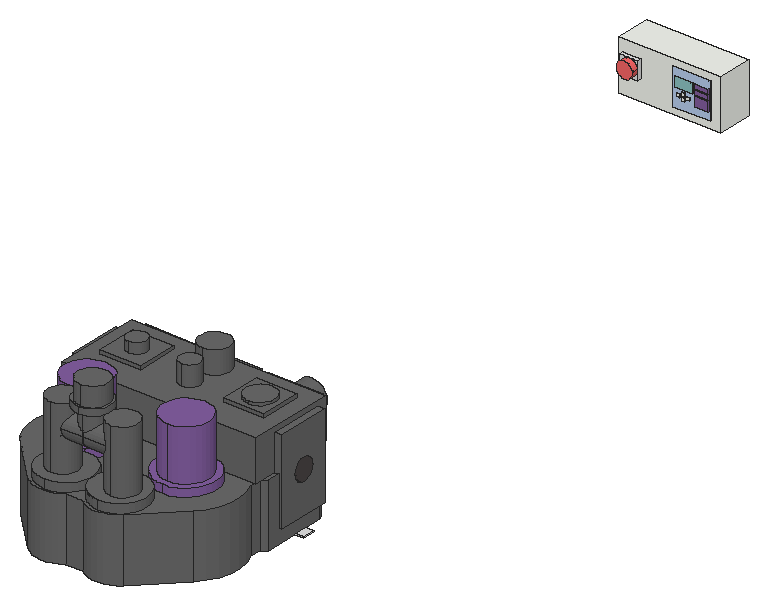
Revit family "28764", category Generic Models, Revit 2021
Family settings
  Can host rebar = No
  Round Connector Dimension = Use Diameter
  Part Type = Normal
  Work Plane-Based = No
  Always vertical = Yes
  Cut with Voids When Loaded = No
  Shared = Yes
  Room Calculation Point = No
Parameters (values of type "28764")
  SUPPLIER = "KESSEL"
  SA700ID50 = "intern"
  SA700ID49 = "Protection Class I"
  SA700ID48 = "no"
  SA700ID47 = "no"
  SA700ID46 = "yes"
  SA700ID37 = 8000 mm
  SA700ID34 = 40
  SA700ID33 = 1.4 W
  SA700ID32 = 82.70 kg
  SA700ID31 = 1
  SA700ID30 = 2
  SA700ID29 = "RWDR"
  SA700ID21 = 800
  SA700ID10 = "yes"
  SA700ID08 = 400 V
  PROCUREWEBLINK = "https://p.caden.as/kessel/28764"
  PROCURELINK = "p.caden.as/kessel/28764"
  PROCUREDATALASTUPDATE = "2024-05-22T12:18:08.622942318+01:00"
  PRC_SPECIFICATIONLINK = "https://ausschreiben.de/catalog/kessel/catalogItem/b2b8f67f-6d8d-470a-8a77-3d0af0603c73"
  NN = "Lifting station Aqualift F"
  NBSYN = "$SA810ID03."
  NB = "28764"
  Model = "28764"
  Manufacturer = "KESSEL"
  MIdent = "{$CADENAS_DATA/23d-libs/kessel/kessel_vdi_import/4/entwaesserung/hebeanlage20aqualift20f.prj},198 {STYP=ASS},{VTYP=3D},{NB=28764},{LINA=28764},{NN=Lifting station Aqualift F},{DATE=21.11.2022 10:45:45},{GEOMDATE=21.11.2022 10:45:45},{VERSION=},{LINEID=200},{WBVAR=LODLEVEL},{WBNUMERIC=LODLEVEL}  {NB=28764},{LINA=28764},{KT=DUMMY},{PREVIEW=../../bilder/ksb_w_28764.png},{SA700ID04=Hebeanlage Aqualift F Duo, Comfort, SPF 1500-S3},{SA810ID06=04026092054550},{SA700ID34=40.00},{SA010ID03=201805},{SA810ID03=28764},{SA810ID10=Die Hebeanlage für fäkalienhaltiges und fäkalienfreies Abwasser ist mit zwei überflutbaren Pumpen sowie einem Rückflussverhinderer ausgestattet. Der Sammelbehälter aus dauerhaft beständigem Kunststoff (PE) bietet universale Anschlussmöglichkeiten und hat eine verschraubte Reinigungsöffnung.Die Steuerung erfolgt durch ein anwenderfreundliches Schaltgerät, das optional über einen potentialfreien Kontakt in die Gebäudeleittechnik eingebunden werden oder Alarm- und Sammelstörmeldungen über eine GSM-Schnittstelle (Comfort Schaltgerät) ausgeben kann.Ausführung:Absperreinrichtung: ohne SchieberAnlagenart: DoppelanlagePumpensteuerung: SchaltgerätRückflussverhinderer: integriertSchalldämmmatte: jaEinbausituation: freie AufstellungAbwasserart: fäkalienhaltigAllgemeine Merkmale:Farbe: schwarzNorm: EN 12050-1Abmessungen:Länge: 773 mmBreite: 780 mmHöhe: 539 mmBehälter/Grundkörper:Zulauf Anzahl: 2 STZulauf Nennweite (DN): 100 mmZulauf Nennweite (DA): 110 mmZulauf max. Anbohrung (DN): 150 mmAbstand Rohrsohle Zulauf zu Behälterboden: 245 mmAbstand Rohrmitte Zulauf zu Behälterboden: 300 mmAnschluss für Handmembranpumpe (DN): 32Behältervolumen: 120 lDruckabgang: senkrechtDruckabgang (DA): 110 mmDruckabgang (DN): 100 mmEntlüftungsanschluss (DN): 70 mmNutzvolumen: 50 lFreier Kugeldurchgang: 40 mmFördereinrichtung:Pumpe: SPF 1500Anzahl Pumpen: 2Förderhöhe max.: 8 mFörderleistung max.: 40 m3/hBetriebsart: S3 - 50 %Leistung P1: 1,4 kWLeistung P2: 1,1 kWDrehzahl: 1.415 U/minFörderguttemperatur (dauerhaft) max.: 40 °CAnschlusstyp: DirektanschlussGewicht: 24 kgLaufrad Typ: FreistromradLänge Netzanschlussleitung Pumpe: 5 mNennstrom: 2,7 ASchutzart Pumpe: IP 68 (3m/48h)Schutzklasse: ITyp Anschlussleitung Pumpe: H07RN-F 7G 1,5 mm2Temperaturüberwachung: integriertSteuerung:Schaltgerät: ComfortBetriebsspannung: 400 VNetzfrequenz: 50 HzSelbstdiagnosesystem (SDS): jaBatteriepufferung: jaMehrzeilige Displayanzeige: jaLogbuchfunktion: jaGSM-Schnittstelle: jaPotentialfreier Kontakt: jaErforderliche Absicherung (Leitungsschutz): 3 x C 16 AMotorschutz Schalter: jaSchutzart Schaltgerät: IP 54Länge Netzanschlussleitung Schaltgerät: 0 mArt Niveauerfassung: pneumatischInstrument Niveauerfassung: Tauchrohr mit DruckwächterAlarmgeber: Tauchrohr},{SA700ID37=8.00},{SA700ID33=1.40},{SA700ID08=400},{SA700ID30=2},{SA700ID32=82.70},{SA700ID49=Schutzklasse I},{SA700ID50=intern},{SA200ID03=6},{SA250ID03=vertikal},{SA260ID03=Trockenläuferpumpe},{SA350ID03=normalansaugend},{SA400ID03=E-Motor für Drehstrom},{SA460ID03=direkt},{SA500ID03=Kunststoff, Edelstahl},{SA700ID06=100},{SA700ID07=100},{SA700ID09=3/N/PE 400V},{SA700ID10=Ja},{SA700ID11=50},{SA700ID12=IP 68},{SA700ID13=F},{SA700ID15=40},{SA700ID21=800.00},{SA700ID22=1.10},{SA700ID23=1415},{SA700ID24=1415},{SA700ID26=2.70},{SA700ID27=21.00},{SA700ID28=durchgehend},{SA700ID29=RWDR},{SA700ID31=1},{SA700ID46=ja},{SA700ID47=nein},{SA700ID48=nein},{SA110ID04=Hebeanlage Aqualift F},{SA300ID03=einstufig},{SA700ID44=10.00},{SA700ID45=10.00},{SA010ID04=KESSEL AG},{LODLEVEL=200},{LINK=https://www.kessel.de/info?han=28764},{SA970ID01=970},{SA970ID02=7095},{SA970ID03=28764},{SA970ID04=11002617},{SA970ID05=QUAD},{SA970ID06=-410},{SA970ID07=-678},{SA970ID08=0},{SA970ID09=1},{SA970ID10=0},{SA970ID11=0},{SA970ID12=0},{SA970ID13=1},{SA970ID14=0},{SA970ID15=819.99},{SA970ID16=843},{SA970ID17=600},{LODLEVEL_=200,'Low'},{LODLEVEL_DEU=200,'Low'},{LINK_=https://www.kessel.de/info?han=28764},{LINK_DEU=https://www.kessel.de/info?han=28764},{LODLEVEL_3DB=28764_200},{DNIN1=100},{DNIN2=70},{DNIN3=10},{DNIN4=10},{DNIN5=10},{DNIN6=50},{DNIN7=50},{DNIN8=50},{DNIN9=50},{DNOUT1=100},{DNOUT2=70},{DNOUT3=32},{ISDIN1=75},{ISDIN2=83.200},{ISDIN3=10},{ISDOUT1=70.000},{ISDOUT2=73.200},{ISDOUT3=75},{SA010ID01=010},{SA010ID02=4},{SA010ID06=www.kessel.de},{SA010ID07=www.kessel.de},{SA010ID12=20180713},{SA010ID13=DEU},{SA010ID14=DE},{SA100ID01=100},{SA100ID02=4},{SA100ID04=Entwässerung},{SA110ID01=110},{SA110ID02=4},{SA200ID01=200},{SA200ID02=6},{SA250ID01=250},{SA250ID02=2},{SA260ID01=260},{SA260ID02=2},{SA300ID01=300},{SA300ID02=1},{SA350ID01=350},{SA350ID02=1},{SA400ID01=400},{SA400ID02=2},{SA460ID01=460},{SA460ID02=1},{SA500ID01=500},{SA500ID02=1},{SA700ID01=700},{SA700ID02=23},{SA700ID10_=1},{SA700ID16=0},{SA700ID25=0},{SA700ID46_=1},{SA700ID47_=0},{SA700ID48_=0},{SA700ID49_=1},{SA700ID50_=2},{SA800ID01=800},{SA800ID02=23},{SA810ID01=810},{SA810ID02=23},{SA810ID04=28764},{SA810ID07=23},{SA810ID09=1},{SA810ID14=PCE},{SA810ID15=1},{SA810ID16=NMP},{SA960ID03=23},{SA960ID04=3L},{SA960ID08=https://www.kessel.de/info?han=28764},{SA010ID08=4026092000007},{SA100ID05=Hebeanlage},{SA110ID06=Hebeanlage}"
  LINK = "https://www.kessel.de/info?han=28764"
  LINA = "28764"
  Default Elevation = 0 mm
  CREATOR = "CADENAS GmbH"
  CATALOG = "KESSEL"
  BOMINFO = "LINA"
  ARTICLENO = "NB"
  4.810.00.9 Order quantity (multiplicator) = "1"
  4.810.00.7 Media- connection number = "23"
  4.810.00.6 GTIN number = "04026092054550"
  4.810.00.4 DATANORM number = "28764"
  4.810.00.3 Producer order number = "28764"
  4.710.03.7 Mass (net) = 82.70 kg
  4.710.03.6 Height = 539 mm
  4.710.03.5 Width = 780 mm
  4.710.03.4 Length = 773 mm
  4.710.03.3 Type of dimensions = "2"
  4.710.02.8 Area of application of wastewater pump = "1"
  4.710.02.7 Art des S2/S3-Betriebs = "50 %"
  4.710.02.6 Duty type = "S3"
  4.710.02.5 Cutting device = "0"
  4.710.02.4 Attached pump control = "1"
  4.710.02.3 Free passage = 40 mm
  4.710.01.6 Option to connect to building automation = "40"
  4.710.01.5 Load regulation = "0"
  4.710.01.4 Designation of closed-loop control = "50"
  4.710.01.3 Identifier for closed-loop control = "120"
  4.700.00.9 Voltage = 0
  4.700.00.8 Nominal connection size on suction side = "100"
  4.700.00.7 Nominal connection size on pressure side = "100"
  4.700.00.6 Type of connection = "100"
  4.700.00.4 Product indentification = "Hebeanlage Aqualift F Duo, Comfort, SPF 1500-S3"
  4.700.00.28 Motor pump shaft = "durchgehend"
  4.700.00.27 Starting current = 21
  4.700.00.26 Maximum power consumption per pump / drive = 2.7
  4.700.00.25 Minimum speed at internal speed adjustment = 0
  4.700.00.24 Nominal speed / maximum speed n = 23.5833
  4.700.00.23 Nominal speed of motor = 23.5833
  4.700.00.22 Maximum shaft output (P2) per pump/drive = 1.1 W
  4.700.00.16 Maximum temperature of pumped medium = 0 °C
  4.700.00.15 Increased safety class = "40 °C"
  4.700.00.13 Type of protection = "F"
  4.700.00.12 Frequency = 0
  4.700.00.11 Stern-/Dreieck-Anlaufschaltung bei Dreiphasenanschluss oder Drehstrom = "50 Hz"
  4.700.00.10 Phase = "1"
  4.500.00.3 Variant / Variant type / Accessories-name = "Kunststoff, Edelstahl"
  4.460.00.3 Variant / Variant type / Accessories-name = "direkt"
  4.400.00.3 Variant / Variant type / Accessories-name = "E-Motor für Drehstrom"
  4.350.00.3 Variant / Variant type / Accessories-name = "normalansaugend"
  4.300.00.3 Variant / Variant type / Accessories-name = "einstufig"
  4.260.00.3 Variant / Variant type / Accessories-name = "Trockenläuferpumpe"
  4.250.00.3 Variant / Variant type / Accessories-name = "vertikal"
  4.200.00.3 Variant / Variant type / Accessories-name = "6"
  4.110.00.6 Product classification = "Hebeanlage"
  4.110.00.4 Product indentification = "Hebeanlage Aqualift F"
  4.100.00.5 Main groups of wares = "Hebeanlage"
  4.100.00.4 Product indentification = "Entwässerung"
  4.010.00.8 Producer ID number = "4026092000007"
  4.010.00.7 Comment = "www.kessel.de"
  4.010.00.6 Web address of the manufacturer = "www.kessel.de"
  4.010.00.4 Manufacturer name = "KESSEL AG"
  4.010.00.3 Date of issuance (month) of guideline = "201805"
  4.010.00.2 Sheet number of the guideline = "4"
  4.010.00.14 Kennungen der Projektländer, für die die Datei gültig ist = "DE"
  4.010.00.13 Sprache der Datei = "DEU"
  4.010.00.12 Stand des Herstellerkatalogs = "20180713"
Reference planes
  plane 1 "Center (Front/Back)": y = 0
  plane 2: z = 0
  plane 3 "Center (Left/Right)": x = 0
Forms (mm)
  Extrusion 1, void
    sketch origin (390.5, -74.999, 214) x (0, -1, 0) y (0, 0, 1)
      loop
        line (-0.5, -0.5) -> (0.5, -0.5) -> (0.5, 0.5) -> (-0.5, 0.5) -> (-0.5, -0.5)
    from 0 to 1
  Extrusion 2, void
    sketch origin (0.999, 95.5, 214) x (1, 0, 0) y (0, 0, 1)
      loop
        line (-0.5, -0.5) -> (0.5, -0.5) -> (0.5, 0.5) -> (-0.5, 0.5) -> (-0.5, -0.5)
    from 0 to 1
  Extrusion 3, void
    sketch origin (-230.25, 90.49, 214) x (1, 0, 0) y (0, 0, 1)
      loop
        line (-0.5, -0.5) -> (0.5, -0.5) -> (0.5, 0.5) -> (-0.5, 0.5) -> (-0.5, -0.5)
    from 0 to 1
  Extrusion 4, void
    sketch origin (-390.5, -75, 214) x (0, 1, 0) y (0, 0, 1)
      loop
        line (-0.5, -0.5) -> (0.5, -0.5) -> (0.5, 0.5) -> (-0.5, 0.5) -> (-0.5, -0.5)
    from 0 to 1
  Extrusion 5, void
    sketch origin (0, -115, 388.3) x (1, 0, 0) y (0, -1, 0)
      loop
        line (-0.5, 0.5) -> (-0.5, -0.5) -> (0.5, -0.5) -> (0.5, 0.5) -> (-0.5, 0.5)
    from 0 to 1
Dimensions and locks
  locked: plane 2 to Extrusion 1 at 214.5
  locked: plane 2 to Extrusion 1 at 213.5
  locked: plane 2 to Extrusion 2 at 214.5
  locked: plane 2 to Extrusion 2 at 213.5
  locked: plane 2 to Extrusion 3 at 214.5
  locked: plane 2 to Extrusion 3 at 213.5
  locked: plane 2 to Extrusion 4 at 214.5
  locked: plane 2 to Extrusion 4 at 213.5
  locked: plane 2 to Extrusion 5 at 387.3
  locked: plane 2 to Extrusion 5 at 388.3
  aligned and locked: level to plane 2
Nested families
  nested 1: "28764_content" at (0, 0, 0), type "28764_Content"
  nested 2: "28764_part1_X0Y0" at (1000, 1000, 1200), type "28764_PART1_X0Y0"
  nested 3: "28764_part2_X0Y0" at (0, 0, 0), type "28764_PART2_X0Y0"
Connectors
  electrical at (861, 933, 1201.5)
    settings: on nested 2, index 1, voltage 0 V, apparent load 0 VA, apparent load phase1 0 VA, apparent load phase2 0 VA, apparent load phase3 0 VA, power factor 1, load classification "Other", number of poles 1, system type 31, power factor state 1, is connector primary yes, connector utility no, sub classification motor no, connector description ""
  piping at (0, 0, 471), diameter 100
    settings: on nested 3, index 2, connector inside diameter 609.6 mm, connector length 0 mm, flow factor 0, pipe flow 0.0 L/s, pressure drop 0.0 Pa, fitting loss kfactor 0, connector angle 0.00°, fixture units 0, engagement length 0 mm, angle of deflection 0.00°, flow configuration 0, flow direction 1, fitting loss method 2, system type 29, joint type 0, gender type 0, connector reference index -1, connector utility 0, adjustable connector no, is connector primary yes, connector description ""
  piping at (230, 164.99, 301), diameter 100
    settings: on nested 3, index 3, connector inside diameter 609.6 mm, connector length 0 mm, flow factor 0, pipe flow 0.0 L/s, pressure drop 0.0 Pa, fitting loss kfactor 0, connector angle 0.00°, fixture units 0, engagement length 0 mm, angle of deflection 0.00°, flow configuration 0, flow direction 1, fitting loss method 2, system type 29, joint type 0, gender type 0, connector reference index -1, connector utility 0, adjustable connector no, is connector primary no, connector description ""
  piping at (390.5, -74.999, 214), diameter 70
    settings: on Extrusion 1, index 4, connector inside diameter 609.6 mm, connector length 0 mm, flow factor 0, pipe flow 0.0 L/s, pressure drop 0.0 Pa, fitting loss kfactor 0, connector angle 0.00°, fixture units 0, engagement length 0 mm, angle of deflection 0.00°, flow configuration 0, flow direction 0, fitting loss method 2, system type 29, joint type 0, gender type 0, connector reference index -1, connector utility 0, adjustable connector no, is connector primary no, connector description ""
  piping at (0.999, 95.5, 214), diameter 70
    settings: on Extrusion 2, index 5, connector inside diameter 609.6 mm, connector length 0 mm, flow factor 0, pipe flow 0.0 L/s, pressure drop 0.0 Pa, fitting loss kfactor 0, connector angle 0.00°, fixture units 0, engagement length 0 mm, angle of deflection 0.00°, flow configuration 0, flow direction 0, fitting loss method 2, system type 29, joint type 0, gender type 0, connector reference index -1, connector utility 0, adjustable connector no, is connector primary no, connector description ""
  piping at (-230.25, 90.49, 214), diameter 70
    settings: on Extrusion 3, index 6, connector inside diameter 609.6 mm, connector length 0 mm, flow factor 0, pipe flow 0.0 L/s, pressure drop 0.0 Pa, fitting loss kfactor 0, connector angle 0.00°, fixture units 0, engagement length 0 mm, angle of deflection 0.00°, flow configuration 0, flow direction 0, fitting loss method 2, system type 29, joint type 0, gender type 0, connector reference index -1, connector utility 0, adjustable connector no, is connector primary no, connector description ""
  piping at (-390.5, -75, 214), diameter 70
    settings: on Extrusion 4, index 7, connector inside diameter 609.6 mm, connector length 0 mm, flow factor 0, pipe flow 0.0 L/s, pressure drop 0.0 Pa, fitting loss kfactor 0, connector angle 0.00°, fixture units 0, engagement length 0 mm, angle of deflection 0.00°, flow configuration 0, flow direction 0, fitting loss method 2, system type 29, joint type 0, gender type 0, connector reference index -1, connector utility 0, adjustable connector no, is connector primary no, connector description ""
  piping at (0, -568, 600), diameter 100
    settings: on nested 3, index 8, connector inside diameter 609.6 mm, connector length 0 mm, flow factor 0, pipe flow 0.0 L/s, pressure drop 0.0 Pa, fitting loss kfactor 0, connector angle 0.00°, fixture units 0, engagement length 0 mm, angle of deflection 0.00°, flow configuration 0, flow direction 2, fitting loss method 2, system type 29, joint type 0, gender type 0, connector reference index -1, connector utility 0, adjustable connector no, is connector primary no, connector description ""
  piping at (0, -115, 388.3), diameter 70
    settings: on Extrusion 5, index 9, connector inside diameter 609.6 mm, connector length 0 mm, flow factor 0, pipe flow 0.0 L/s, pressure drop 0.0 Pa, fitting loss kfactor 0, connector angle 0.00°, fixture units 0, engagement length 0 mm, angle of deflection 0.00°, flow configuration 0, flow direction 2, fitting loss method 2, system type 29, joint type 0, gender type 0, connector reference index -1, connector utility 0, adjustable connector no, is connector primary no, connector description ""
  piping at (230, 164.99, 81.07), diameter 32
    settings: on nested 3, index 10, connector inside diameter 609.6 mm, connector length 0 mm, flow factor 0, pipe flow 0.0 L/s, pressure drop 0.0 Pa, fitting loss kfactor 0, connector angle 0.00°, fixture units 0, engagement length 0 mm, angle of deflection 0.00°, flow configuration 0, flow direction 2, fitting loss method 2, system type 29, joint type 0, gender type 0, connector reference index -1, connector utility 0, adjustable connector no, is connector primary no, connector description ""
  electrical at (185, -365, 457)
    settings: on nested 3, index 11, voltage 0 V, apparent load 0 VA, apparent load phase1 0 VA, apparent load phase2 0 VA, apparent load phase3 0 VA, power factor 1, load classification "Other", number of poles 1, system type 31, power factor state 1, is connector primary no, connector utility no, sub classification motor no, connector description ""
  electrical at (-185, -364.75, 457)
    settings: on nested 3, index 12, voltage 0 V, apparent load 0 VA, apparent load phase1 0 VA, apparent load phase2 0 VA, apparent load phase3 0 VA, power factor 1, load classification "Other", number of poles 1, system type 31, power factor state 1, is connector primary no, connector utility no, sub classification motor no, connector description ""
  electrical at (-230.6, -74.8, 436.49)
    settings: on nested 3, index 13, voltage 0 V, apparent load 0 VA, apparent load phase1 0 VA, apparent load phase2 0 VA, apparent load phase3 0 VA, power factor 1, load classification "Other", number of poles 1, system type 31, power factor state 1, is connector primary no, connector utility no, sub classification motor no, connector description ""
Definition of nested family "28764_part1_X0Y0"
  Parameters (values of type "28764_PART1_X0Y0")
    SUPPLIER = "KESSEL"
    SA700ID50 = "intern"
    SA700ID49 = "Protection Class I"
    SA700ID48 = "no"
    SA700ID47 = "no"
    SA700ID46 = "yes"
    SA700ID37 = 8000 mm
    SA700ID34 = 40
    SA700ID33 = 1.4 W
    SA700ID32 = 82.70 kg
    SA700ID31 = 1
    SA700ID30 = 2
    SA700ID29 = "RWDR"
    SA700ID21 = 800
    SA700ID10 = "yes"
    SA700ID08 = 400 V
    NBSYN = "$SA810ID03._PART1"
    NB = "28764_PART1"
    Model = "28764_PART1"
    Manufacturer = "KESSEL"
    MIdent = "{$CADENAS_DATA/23d-libs/kessel/kessel_vdi_import/4/entwaesserung/hebeanlage20aqualift20f.prj},218 {VTYP=3D},{NB=28764_PART1},{LINA=28764_PART1},{NN=Lifting station Aqualift F_PART1},{NOPRJ=TRUE},{DATE=21.11.2022 10:45:45},{GEOMDATE=21.11.2022 10:45:45},{VERSION=},{LINEID=200},{WBVAR=LODLEVEL},{WBNUMERIC=LODLEVEL}  {NB=28764_PART1},{LINA=28764_PART1},{KT=DUMMY},{PREVIEW=../../bilder/ksb_w_28764.png},{SA700ID04=Hebeanlage Aqualift F Duo, Comfort, SPF 1500-S3},{SA810ID06=04026092054550},{SA700ID34=40.00},{SA010ID03=201805},{SA810ID03=28764},{SA810ID10=Die Hebeanlage für fäkalienhaltiges und fäkalienfreies Abwasser ist mit zwei überflutbaren Pumpen sowie einem Rückflussverhinderer ausgestattet. Der Sammelbehälter aus dauerhaft beständigem Kunststoff (PE) bietet universale Anschlussmöglichkeiten und hat eine verschraubte Reinigungsöffnung.Die Steuerung erfolgt durch ein anwenderfreundliches Schaltgerät, das optional über einen potentialfreien Kontakt in die Gebäudeleittechnik eingebunden werden oder Alarm- und Sammelstörmeldungen über eine GSM-Schnittstelle (Comfort Schaltgerät) ausgeben kann.Ausführung:Absperreinrichtung: ohne SchieberAnlagenart: DoppelanlagePumpensteuerung: SchaltgerätRückflussverhinderer: integriertSchalldämmmatte: jaEinbausituation: freie AufstellungAbwasserart: fäkalienhaltigAllgemeine Merkmale:Farbe: schwarzNorm: EN 12050-1Abmessungen:Länge: 773 mmBreite: 780 mmHöhe: 539 mmBehälter/Grundkörper:Zulauf Anzahl: 2 STZulauf Nennweite (DN): 100 mmZulauf Nennweite (DA): 110 mmZulauf max. Anbohrung (DN): 150 mmAbstand Rohrsohle Zulauf zu Behälterboden: 245 mmAbstand Rohrmitte Zulauf zu Behälterboden: 300 mmAnschluss für Handmembranpumpe (DN): 32Behältervolumen: 120 lDruckabgang: senkrechtDruckabgang (DA): 110 mmDruckabgang (DN): 100 mmEntlüftungsanschluss (DN): 70 mmNutzvolumen: 50 lFreier Kugeldurchgang: 40 mmFördereinrichtung:Pumpe: SPF 1500Anzahl Pumpen: 2Förderhöhe max.: 8 mFörderleistung max.: 40 m3/hBetriebsart: S3 - 50 %Leistung P1: 1,4 kWLeistung P2: 1,1 kWDrehzahl: 1.415 U/minFörderguttemperatur (dauerhaft) max.: 40 °CAnschlusstyp: DirektanschlussGewicht: 24 kgLaufrad Typ: FreistromradLänge Netzanschlussleitung Pumpe: 5 mNennstrom: 2,7 ASchutzart Pumpe: IP 68 (3m/48h)Schutzklasse: ITyp Anschlussleitung Pumpe: H07RN-F 7G 1,5 mm2Temperaturüberwachung: integriertSteuerung:Schaltgerät: ComfortBetriebsspannung: 400 VNetzfrequenz: 50 HzSelbstdiagnosesystem (SDS): jaBatteriepufferung: jaMehrzeilige Displayanzeige: jaLogbuchfunktion: jaGSM-Schnittstelle: jaPotentialfreier Kontakt: jaErforderliche Absicherung (Leitungsschutz): 3 x C 16 AMotorschutz Schalter: jaSchutzart Schaltgerät: IP 54Länge Netzanschlussleitung Schaltgerät: 0 mArt Niveauerfassung: pneumatischInstrument Niveauerfassung: Tauchrohr mit DruckwächterAlarmgeber: Tauchrohr},{SA700ID37=8.00},{SA700ID33=1.40},{SA700ID08=400},{SA700ID30=2},{SA700ID32=82.70},{SA700ID49=Schutzklasse I},{SA700ID50=intern},{SA200ID03=6},{SA250ID03=vertikal},{SA260ID03=Trockenläuferpumpe},{SA350ID03=normalansaugend},{SA400ID03=E-Motor für Drehstrom},{SA460ID03=direkt},{SA500ID03=Kunststoff, Edelstahl},{SA700ID06=100},{SA700ID07=100},{SA700ID09=3/N/PE 400V},{SA700ID10=Ja},{SA700ID11=50},{SA700ID12=IP 68},{SA700ID13=F},{SA700ID15=40},{SA700ID21=800.00},{SA700ID22=1.10},{SA700ID23=1415},{SA700ID24=1415},{SA700ID26=2.70},{SA700ID27=21.00},{SA700ID28=durchgehend},{SA700ID29=RWDR},{SA700ID31=1},{SA700ID46=ja},{SA700ID47=nein},{SA700ID48=nein},{SA110ID04=Hebeanlage Aqualift F},{SA300ID03=einstufig},{SA700ID44=10.00},{SA700ID45=10.00},{SA010ID04=KESSEL AG},{LODLEVEL=200},{LINK=https://www.kessel.de/info?han=28764},{SA970ID01=970},{SA970ID02=7095},{SA970ID03=28764},{SA970ID04=11002617},{SA970ID05=QUAD},{SA970ID06=-410},{SA970ID07=-678},{SA970ID08=0},{SA970ID09=1},{SA970ID10=0},{SA970ID11=0},{SA970ID12=0},{SA970ID13=1},{SA970ID14=0},{SA970ID15=819.99},{SA970ID16=843},{SA970ID17=600},{LODLEVEL_=200,'Low'},{LODLEVEL_DEU=200,'Low'},{LINK_=https://www.kessel.de/info?han=28764},{LINK_DEU=https://www.kessel.de/info?han=28764},{LODLEVEL_3DB=28764_200},{DNIN1=100},{DNIN2=70},{DNIN3=10},{DNIN4=10},{DNIN5=10},{DNIN6=50},{DNIN7=50},{DNIN8=50},{DNIN9=50},{DNOUT1=100},{DNOUT2=70},{DNOUT3=32},{ISDIN1=75},{ISDIN2=83.200},{ISDIN3=10},{ISDOUT1=70.000},{ISDOUT2=73.200},{ISDOUT3=75},{SA010ID01=010},{SA010ID02=4},{SA010ID06=www.kessel.de},{SA010ID07=www.kessel.de},{SA010ID12=20180713},{SA010ID13=DEU},{SA010ID14=DE},{SA100ID01=100},{SA100ID02=4},{SA100ID04=Entwässerung},{SA110ID01=110},{SA110ID02=4},{SA200ID01=200},{SA200ID02=6},{SA250ID01=250},{SA250ID02=2},{SA260ID01=260},{SA260ID02=2},{SA300ID01=300},{SA300ID02=1},{SA350ID01=350},{SA350ID02=1},{SA400ID01=400},{SA400ID02=2},{SA460ID01=460},{SA460ID02=1},{SA500ID01=500},{SA500ID02=1},{SA700ID01=700},{SA700ID02=23},{SA700ID10_=1},{SA700ID16=0},{SA700ID25=0},{SA700ID46_=1},{SA700ID47_=0},{SA700ID48_=0},{SA700ID49_=1},{SA700ID50_=2},{SA800ID01=800},{SA800ID02=23},{SA810ID01=810},{SA810ID02=23},{SA810ID04=28764},{SA810ID07=23},{SA810ID09=1},{SA810ID14=PCE},{SA810ID15=1},{SA810ID16=NMP},{SA960ID03=23},{SA960ID04=3L},{SA960ID08=https://www.kessel.de/info?han=28764},{SA010ID08=4026092000007},{SA100ID05=Hebeanlage},{SA110ID06=Hebeanlage}"
    LINK = "https://www.kessel.de/info?han=28764"
    LINA = "28764_PART1"
    Default Elevation = 1219.2 mm
    CREATOR = "CADENAS GmbH"
    CATALOG = "KESSEL"
    BOMINFO = "LINA"
    ARTICLENO = "NB"
    4.810.00.9 Order quantity (multiplicator) = "1"
    4.810.00.7 Media- connection number = "23"
    4.810.00.6 GTIN number = "04026092054550"
    4.810.00.4 DATANORM number = "28764"
    4.810.00.3 Producer order number = "28764"
    4.710.03.7 Mass (net) = 82.70 kg
    4.710.03.6 Height = 539 mm
    4.710.03.5 Width = 780 mm
    4.710.03.4 Length = 773 mm
    4.710.03.3 Type of dimensions = "2"
    4.710.02.8 Area of application of wastewater pump = "1"
    4.710.02.7 Art des S2/S3-Betriebs = "50 %"
    4.710.02.6 Duty type = "S3"
    4.710.02.5 Cutting device = "0"
    4.710.02.4 Attached pump control = "1"
    4.710.02.3 Free passage = 40 mm
    4.710.01.6 Option to connect to building automation = "40"
    4.710.01.5 Load regulation = "0"
    4.710.01.4 Designation of closed-loop control = "50"
    4.710.01.3 Identifier for closed-loop control = "120"
    4.700.00.9 Voltage = 0
    4.700.00.8 Nominal connection size on suction side = "100"
    4.700.00.7 Nominal connection size on pressure side = "100"
    4.700.00.6 Type of connection = "100"
    4.700.00.4 Product indentification = "Hebeanlage Aqualift F Duo, Comfort, SPF 1500-S3"
    4.700.00.28 Motor pump shaft = "durchgehend"
    4.700.00.27 Starting current = 21
    4.700.00.26 Maximum power consumption per pump / drive = 2.7
    4.700.00.25 Minimum speed at internal speed adjustment = 0
    4.700.00.24 Nominal speed / maximum speed n = 23.5833
    4.700.00.23 Nominal speed of motor = 23.5833
    4.700.00.22 Maximum shaft output (P2) per pump/drive = 1.1 W
    4.700.00.16 Maximum temperature of pumped medium = 0 °C
    4.700.00.15 Increased safety class = "40 °C"
    4.700.00.13 Type of protection = "F"
    4.700.00.12 Frequency = 0
    4.700.00.11 Stern-/Dreieck-Anlaufschaltung bei Dreiphasenanschluss oder Drehstrom = "50 Hz"
    4.700.00.10 Phase = "1"
    4.500.00.3 Variant / Variant type / Accessories-name = "Kunststoff, Edelstahl"
    4.460.00.3 Variant / Variant type / Accessories-name = "direkt"
    4.400.00.3 Variant / Variant type / Accessories-name = "E-Motor für Drehstrom"
    4.350.00.3 Variant / Variant type / Accessories-name = "normalansaugend"
    4.300.00.3 Variant / Variant type / Accessories-name = "einstufig"
    4.260.00.3 Variant / Variant type / Accessories-name = "Trockenläuferpumpe"
    4.250.00.3 Variant / Variant type / Accessories-name = "vertikal"
    4.200.00.3 Variant / Variant type / Accessories-name = "6"
    4.110.00.6 Product classification = "Hebeanlage"
    4.110.00.4 Product indentification = "Hebeanlage Aqualift F"
    4.100.00.5 Main groups of wares = "Hebeanlage"
    4.100.00.4 Product indentification = "Entwässerung"
    4.010.00.8 Producer ID number = "4026092000007"
    4.010.00.7 Comment = "www.kessel.de"
    4.010.00.6 Web address of the manufacturer = "www.kessel.de"
    4.010.00.4 Manufacturer name = "KESSEL AG"
    4.010.00.3 Date of issuance (month) of guideline = "201805"
    4.010.00.2 Sheet number of the guideline = "4"
    4.010.00.14 Kennungen der Projektländer, für die die Datei gültig ist = "DE"
    4.010.00.13 Sprache der Datei = "DEU"
    4.010.00.12 Stand des Herstellerkatalogs = "20180713"
  Reference planes
    plane 1 "Center (Front/Back)": y = 0
    plane 2: z = 0
    plane 3 "Center (Left/Right)": x = 0
  Dimensions and locks
    aligned and locked: level to plane 2
  Nested families
    nested 1: "28764_part1_content" at (0, 0, 0), type "28764_PART1_Content"
  Definition of nested family "28764_part1_content"
    Parameters (values of type "28764_PART1_Content")
      SUPPLIER = "KESSEL"
      SA700ID50 = "intern"
      SA700ID49 = "Protection Class I"
      SA700ID48 = "no"
      SA700ID47 = "no"
      SA700ID46 = "yes"
      SA700ID37 = 8000 mm
      SA700ID34 = 40
      SA700ID33 = 1.4 W
      SA700ID32 = 82.70 kg
      SA700ID31 = 1
      SA700ID30 = 2
      SA700ID29 = "RWDR"
      SA700ID21 = 800
      SA700ID10 = "yes"
      SA700ID08 = 400 V
      NBSYN = "$SA810ID03._PART1"
      NB = "28764_PART1"
      Model = "28764_PART1"
      Manufacturer = "KESSEL"
      LINK = "https://www.kessel.de/info?han=28764"
      LINA = "28764_PART1"
      Default Elevation = 1219.2 mm
      CREATOR = "CADENAS GmbH"
      CATALOG = "KESSEL"
      BOMINFO = "LINA"
      ARTICLENO = "NB"
      4.810.00.9 Order quantity (multiplicator) = "1"
      4.810.00.7 Media- connection number = "23"
      4.810.00.6 GTIN number = "04026092054550"
      4.810.00.4 DATANORM number = "28764"
      4.810.00.3 Producer order number = "28764"
      4.710.03.7 Mass (net) = 82.70 kg
      4.710.03.6 Height = 539 mm
      4.710.03.5 Width = 780 mm
      4.710.03.4 Length = 773 mm
      4.710.03.3 Type of dimensions = "2"
      4.710.02.8 Area of application of wastewater pump = "1"
      4.710.02.7 Art des S2/S3-Betriebs = "50 %"
      4.710.02.6 Duty type = "S3"
      4.710.02.5 Cutting device = "0"
      4.710.02.4 Attached pump control = "1"
      4.710.02.3 Free passage = 40 mm
      4.710.01.6 Option to connect to building automation = "40"
      4.710.01.5 Load regulation = "0"
      4.710.01.4 Designation of closed-loop control = "50"
      4.710.01.3 Identifier for closed-loop control = "120"
      4.700.00.9 Voltage = 0
      4.700.00.8 Nominal connection size on suction side = "100"
      4.700.00.7 Nominal connection size on pressure side = "100"
      4.700.00.6 Type of connection = "100"
      4.700.00.4 Product indentification = "Hebeanlage Aqualift F Duo, Comfort, SPF 1500-S3"
      4.700.00.28 Motor pump shaft = "durchgehend"
      4.700.00.27 Starting current = 21
      4.700.00.26 Maximum power consumption per pump / drive = 2.7
      4.700.00.25 Minimum speed at internal speed adjustment = 0
      4.700.00.24 Nominal speed / maximum speed n = 23.5833
      4.700.00.23 Nominal speed of motor = 23.5833
      4.700.00.22 Maximum shaft output (P2) per pump/drive = 1.1 W
      4.700.00.16 Maximum temperature of pumped medium = 0 °C
      4.700.00.15 Increased safety class = "40 °C"
      4.700.00.13 Type of protection = "F"
      4.700.00.12 Frequency = 0
      4.700.00.11 Stern-/Dreieck-Anlaufschaltung bei Dreiphasenanschluss oder Drehstrom = "50 Hz"
      4.700.00.10 Phase = "1"
      4.500.00.3 Variant / Variant type / Accessories-name = "Kunststoff, Edelstahl"
      4.460.00.3 Variant / Variant type / Accessories-name = "direkt"
      4.400.00.3 Variant / Variant type / Accessories-name = "E-Motor für Drehstrom"
      4.350.00.3 Variant / Variant type / Accessories-name = "normalansaugend"
      4.300.00.3 Variant / Variant type / Accessories-name = "einstufig"
      4.260.00.3 Variant / Variant type / Accessories-name = "Trockenläuferpumpe"
      4.250.00.3 Variant / Variant type / Accessories-name = "vertikal"
      4.200.00.3 Variant / Variant type / Accessories-name = "6"
      4.110.00.6 Product classification = "Hebeanlage"
      4.110.00.4 Product indentification = "Hebeanlage Aqualift F"
      4.100.00.5 Main groups of wares = "Hebeanlage"
      4.100.00.4 Product indentification = "Entwässerung"
      4.010.00.8 Producer ID number = "4026092000007"
      4.010.00.7 Comment = "www.kessel.de"
      4.010.00.6 Web address of the manufacturer = "www.kessel.de"
      4.010.00.4 Manufacturer name = "KESSEL AG"
      4.010.00.3 Date of issuance (month) of guideline = "201805"
      4.010.00.2 Sheet number of the guideline = "4"
      4.010.00.14 Kennungen der Projektländer, für die die Datei gültig ist = "DE"
      4.010.00.13 Sprache der Datei = "DEU"
      4.010.00.12 Stand des Herstellerkatalogs = "20180713"
    Reference planes
      plane 1 "Center (Front/Back)": y = 0
      plane 2: z = 0
      plane 3 "Center (Left/Right)": x = 0
    Forms (mm)
      Extrusion 1, solid, detail levels medium+fine
        sketch origin (189.25, -1.75, 0.2) x (0, -1, 0) y (0, 0, 1)
          loop
            line (0, 187.8) -> (0, 0) -> (127.75, 0) -> (127.75, 187.8) -> (0, 187.8)
        from 0 to 378.5
      Extrusion 2, solid, detail levels medium+fine
        sketch origin (-4, -67, 0) x (0, 1, 0) y (-1, 0, 0)
          loop
            circle (0, 0) r 12.5
        from 0 to 1.5
      Extrusion 3, solid, detail levels medium+fine
        sketch origin (150.8, -129.5, 26.5) x (0, -1, 0) y (0, 0, 1)
          loop
            line (-1.2, 134.8) -> (-1.2, 0) -> (0.25, 0) -> (0.25, 134.8) -> (-1.2, 134.8)
        from 0 to 139.9
      Extrusion 4, solid, detail levels medium+fine
        sketch origin (72.55, -129.75, 66) x (0, -1, 0) y (0, 0, 1)
          loop
            line (-1, 12) -> (-1, 0) -> (0.5, 0) -> (0.5, 12) -> (-1, 12)
        from 0 to 12
      Extrusion 5, solid, detail levels medium+fine
        sketch origin (84.45, -129.75, 93.4) x (0, -1, 0) y (0, 0, 1)
          loop
            line (-1, 37) -> (-1, 0) -> (0.5, 0) -> (0.5, 37) -> (-1, 37)
        from 0 to 66
      Extrusion 6, solid, detail levels medium+fine
        sketch origin (55.3, -129.75, 74) x (0, -1, 0) y (0, 0, 1)
          loop
            line (-1, 12) -> (-1, 0) -> (0.5, 0) -> (0.5, 12) -> (-1, 12)
        from 0 to 12
      Extrusion 7, solid, detail levels medium+fine
        sketch origin (143.3, -129.75, 94.4) x (0, -1, 0) y (0, 0, 1)
          loop
            line (0, 16) -> (0, 0) -> (1.75, 0) -> (1.75, 16) -> (0, 16)
        from 0 to 51
      Extrusion 8, solid, detail levels medium+fine
        sketch origin (143.3, -129.75, 54.4) x (0, -1, 0) y (0, 0, 1)
          loop
            line (0, 36) -> (0, 0) -> (1.75, 0) -> (1.75, 36) -> (0, 36)
        from 0 to 51
      Extrusion 9, solid, detail levels medium+fine
        sketch origin (55.3, -129.75, 57.5) x (0, -1, 0) y (0, 0, 1)
          loop
            line (-1, 12) -> (-1, 0) -> (0.5, 0) -> (0.5, 12) -> (-1, 12)
        from 0 to 12
      Extrusion 10, solid, detail levels medium+fine
        sketch origin (143.3, -129.75, 114.4) x (0, -1, 0) y (0, 0, 1)
          loop
            line (0, 16) -> (0, 0) -> (1.75, 0) -> (1.75, 16) -> (0, 16)
        from 0 to 51
      Extrusion 11, solid, detail levels medium+fine
        sketch origin (38.05, -129.75, 66) x (0, -1, 0) y (0, 0, 1)
          loop
            line (-1, 12) -> (-1, 0) -> (0.5, 0) -> (0.5, 12) -> (-1, 12)
        from 0 to 12
      Extrusion 12, solid, detail levels medium+fine
        sketch origin (47, -72, 0) x (0, 1, 0) y (-1, 0, 0)
          loop
            circle (0, 0) r 8
        from 0 to 1.5
      Extrusion 13, solid, detail levels medium+fine
        sketch origin (47, -42, 0) x (0, 1, 0) y (-1, 0, 0)
          loop
            circle (0, 0) r 5.25
        from 0 to 1.5
      Extrusion 14, solid, detail levels medium+fine
        sketch origin (77, -72, 0) x (0, 1, 0) y (-1, 0, 0)
          loop
            circle (0, 0) r 8
        from 0 to 1.5
      Extrusion 15, solid, detail levels medium+fine
        sketch origin (-94, -67, 0) x (0, 1, 0) y (-1, 0, 0)
          loop
            circle (0, 0) r 12.5
        from 0 to 1.5
      Extrusion 16, solid, detail levels medium+fine
        sketch origin (92, -42, 0) x (0, 1, 0) y (-1, 0, 0)
          loop
            circle (0, 0) r 8
        from 0 to 1.5
      Extrusion 17, solid, detail levels medium+fine
        sketch origin (107, -72, 0) x (0, 1, 0) y (-1, 0, 0)
          loop
            circle (0, 0) r 8
        from 0 to 1.5
      Extrusion 18, solid, detail levels medium+fine
        sketch origin (122, -42, 0) x (0, 1, 0) y (-1, 0, 0)
          loop
            circle (0, 0) r 8
        from 0 to 1.5
      Extrusion 19, solid, detail levels medium+fine
        sketch origin (-107.7, -129.5, 76.9) x (0, -1, 0) y (0, 0, 1)
          loop
            line (0, 67) -> (0, 0) -> (14, 0) -> (14, 67) -> (0, 67)
        from 0 to 67
      Extrusion 20, solid, detail levels medium+fine
        sketch origin (-141.2, -143.5, 110.4) x (1, 0, 0) y (0, 0, 1)
          loop
            circle (0, 0) r 30
        from 0 to 22
      Extrusion 21, solid, detail levels medium+fine
        sketch origin (127, -15, 0) x (0, 1, 0) y (-1, 0, 0)
          loop
            circle (0, 0) r 6
        from 0 to 1.5
      Extrusion 22, solid, detail levels medium+fine
        sketch origin (137, -72, 0) x (0, 1, 0) y (-1, 0, 0)
          loop
            circle (0, 0) r 8
        from 0 to 1.5
      Extrusion 23, solid, detail levels medium+fine
        sketch origin (-139, -67, 0) x (0, 1, 0) y (-1, 0, 0)
          loop
            circle (0, 0) r 12.5
        from 0 to 1.5
      Extrusion 24, solid, detail levels medium+fine
        sketch origin (152, -42, 0) x (0, 1, 0) y (-1, 0, 0)
          loop
            circle (0, 0) r 8
        from 0 to 1.5
      Extrusion 25, solid, detail levels coarse
        sketch origin (0, -83.625, 0) x (1, 0, 0) y (0, 1, 0)
          loop
            line (-189.25, -81.875) -> (189.25, -81.875) -> (189.25, 81.875) -> (-189.25, 81.875) -> (-189.25, -81.875)
        from 0 to 188
    Dimensions and locks
      aligned and locked: level to plane 2
Definition of nested family "28764_part2_X0Y0"
  Parameters (values of type "28764_PART2_X0Y0")
    SUPPLIER = "KESSEL"
    SA700ID50 = "intern"
    SA700ID49 = "Protection Class I"
    SA700ID48 = "no"
    SA700ID47 = "no"
    SA700ID46 = "yes"
    SA700ID37 = 8000 mm
    SA700ID34 = 40
    SA700ID33 = 1.4 W
    SA700ID32 = 82.70 kg
    SA700ID31 = 1
    SA700ID30 = 2
    SA700ID29 = "RWDR"
    SA700ID21 = 800
    SA700ID10 = "yes"
    SA700ID08 = 400 V
    NBSYN = "$SA810ID03._PART2"
    NB = "28764_PART2"
    Model = "28764_PART2"
    Manufacturer = "KESSEL"
    MIdent = "{$CADENAS_DATA/23d-libs/kessel/kessel_vdi_import/4/entwaesserung/hebeanlage20aqualift20f.prj},218 {VTYP=3D},{NB=28764_PART2},{LINA=28764_PART2},{NN=Lifting station Aqualift F_PART2},{NOPRJ=TRUE},{DATE=21.11.2022 10:45:45},{GEOMDATE=21.11.2022 10:45:45},{VERSION=},{LINEID=200},{WBVAR=LODLEVEL},{WBNUMERIC=LODLEVEL}  {NB=28764_PART2},{LINA=28764_PART2},{KT=DUMMY},{PREVIEW=../../bilder/ksb_w_28764.png},{SA700ID04=Hebeanlage Aqualift F Duo, Comfort, SPF 1500-S3},{SA810ID06=04026092054550},{SA700ID34=40.00},{SA010ID03=201805},{SA810ID03=28764},{SA810ID10=Die Hebeanlage für fäkalienhaltiges und fäkalienfreies Abwasser ist mit zwei überflutbaren Pumpen sowie einem Rückflussverhinderer ausgestattet. Der Sammelbehälter aus dauerhaft beständigem Kunststoff (PE) bietet universale Anschlussmöglichkeiten und hat eine verschraubte Reinigungsöffnung.Die Steuerung erfolgt durch ein anwenderfreundliches Schaltgerät, das optional über einen potentialfreien Kontakt in die Gebäudeleittechnik eingebunden werden oder Alarm- und Sammelstörmeldungen über eine GSM-Schnittstelle (Comfort Schaltgerät) ausgeben kann.Ausführung:Absperreinrichtung: ohne SchieberAnlagenart: DoppelanlagePumpensteuerung: SchaltgerätRückflussverhinderer: integriertSchalldämmmatte: jaEinbausituation: freie AufstellungAbwasserart: fäkalienhaltigAllgemeine Merkmale:Farbe: schwarzNorm: EN 12050-1Abmessungen:Länge: 773 mmBreite: 780 mmHöhe: 539 mmBehälter/Grundkörper:Zulauf Anzahl: 2 STZulauf Nennweite (DN): 100 mmZulauf Nennweite (DA): 110 mmZulauf max. Anbohrung (DN): 150 mmAbstand Rohrsohle Zulauf zu Behälterboden: 245 mmAbstand Rohrmitte Zulauf zu Behälterboden: 300 mmAnschluss für Handmembranpumpe (DN): 32Behältervolumen: 120 lDruckabgang: senkrechtDruckabgang (DA): 110 mmDruckabgang (DN): 100 mmEntlüftungsanschluss (DN): 70 mmNutzvolumen: 50 lFreier Kugeldurchgang: 40 mmFördereinrichtung:Pumpe: SPF 1500Anzahl Pumpen: 2Förderhöhe max.: 8 mFörderleistung max.: 40 m3/hBetriebsart: S3 - 50 %Leistung P1: 1,4 kWLeistung P2: 1,1 kWDrehzahl: 1.415 U/minFörderguttemperatur (dauerhaft) max.: 40 °CAnschlusstyp: DirektanschlussGewicht: 24 kgLaufrad Typ: FreistromradLänge Netzanschlussleitung Pumpe: 5 mNennstrom: 2,7 ASchutzart Pumpe: IP 68 (3m/48h)Schutzklasse: ITyp Anschlussleitung Pumpe: H07RN-F 7G 1,5 mm2Temperaturüberwachung: integriertSteuerung:Schaltgerät: ComfortBetriebsspannung: 400 VNetzfrequenz: 50 HzSelbstdiagnosesystem (SDS): jaBatteriepufferung: jaMehrzeilige Displayanzeige: jaLogbuchfunktion: jaGSM-Schnittstelle: jaPotentialfreier Kontakt: jaErforderliche Absicherung (Leitungsschutz): 3 x C 16 AMotorschutz Schalter: jaSchutzart Schaltgerät: IP 54Länge Netzanschlussleitung Schaltgerät: 0 mArt Niveauerfassung: pneumatischInstrument Niveauerfassung: Tauchrohr mit DruckwächterAlarmgeber: Tauchrohr},{SA700ID37=8.00},{SA700ID33=1.40},{SA700ID08=400},{SA700ID30=2},{SA700ID32=82.70},{SA700ID49=Schutzklasse I},{SA700ID50=intern},{SA200ID03=6},{SA250ID03=vertikal},{SA260ID03=Trockenläuferpumpe},{SA350ID03=normalansaugend},{SA400ID03=E-Motor für Drehstrom},{SA460ID03=direkt},{SA500ID03=Kunststoff, Edelstahl},{SA700ID06=100},{SA700ID07=100},{SA700ID09=3/N/PE 400V},{SA700ID10=Ja},{SA700ID11=50},{SA700ID12=IP 68},{SA700ID13=F},{SA700ID15=40},{SA700ID21=800.00},{SA700ID22=1.10},{SA700ID23=1415},{SA700ID24=1415},{SA700ID26=2.70},{SA700ID27=21.00},{SA700ID28=durchgehend},{SA700ID29=RWDR},{SA700ID31=1},{SA700ID46=ja},{SA700ID47=nein},{SA700ID48=nein},{SA110ID04=Hebeanlage Aqualift F},{SA300ID03=einstufig},{SA700ID44=10.00},{SA700ID45=10.00},{SA010ID04=KESSEL AG},{LODLEVEL=200},{LINK=https://www.kessel.de/info?han=28764},{SA970ID01=970},{SA970ID02=7095},{SA970ID03=28764},{SA970ID04=11002617},{SA970ID05=QUAD},{SA970ID06=-410},{SA970ID07=-678},{SA970ID08=0},{SA970ID09=1},{SA970ID10=0},{SA970ID11=0},{SA970ID12=0},{SA970ID13=1},{SA970ID14=0},{SA970ID15=819.99},{SA970ID16=843},{SA970ID17=600},{LODLEVEL_=200,'Low'},{LODLEVEL_DEU=200,'Low'},{LINK_=https://www.kessel.de/info?han=28764},{LINK_DEU=https://www.kessel.de/info?han=28764},{LODLEVEL_3DB=28764_200},{DNIN1=100},{DNIN2=70},{DNIN3=10},{DNIN4=10},{DNIN5=10},{DNIN6=50},{DNIN7=50},{DNIN8=50},{DNIN9=50},{DNOUT1=100},{DNOUT2=70},{DNOUT3=32},{ISDIN1=75},{ISDIN2=83.200},{ISDIN3=10},{ISDOUT1=70.000},{ISDOUT2=73.200},{ISDOUT3=75},{SA010ID01=010},{SA010ID02=4},{SA010ID06=www.kessel.de},{SA010ID07=www.kessel.de},{SA010ID12=20180713},{SA010ID13=DEU},{SA010ID14=DE},{SA100ID01=100},{SA100ID02=4},{SA100ID04=Entwässerung},{SA110ID01=110},{SA110ID02=4},{SA200ID01=200},{SA200ID02=6},{SA250ID01=250},{SA250ID02=2},{SA260ID01=260},{SA260ID02=2},{SA300ID01=300},{SA300ID02=1},{SA350ID01=350},{SA350ID02=1},{SA400ID01=400},{SA400ID02=2},{SA460ID01=460},{SA460ID02=1},{SA500ID01=500},{SA500ID02=1},{SA700ID01=700},{SA700ID02=23},{SA700ID10_=1},{SA700ID16=0},{SA700ID25=0},{SA700ID46_=1},{SA700ID47_=0},{SA700ID48_=0},{SA700ID49_=1},{SA700ID50_=2},{SA800ID01=800},{SA800ID02=23},{SA810ID01=810},{SA810ID02=23},{SA810ID04=28764},{SA810ID07=23},{SA810ID09=1},{SA810ID14=PCE},{SA810ID15=1},{SA810ID16=NMP},{SA960ID03=23},{SA960ID04=3L},{SA960ID08=https://www.kessel.de/info?han=28764},{SA010ID08=4026092000007},{SA100ID05=Hebeanlage},{SA110ID06=Hebeanlage}"
    LINK = "https://www.kessel.de/info?han=28764"
    LINA = "28764_PART2"
    Default Elevation = 1219.2 mm
    CREATOR = "CADENAS GmbH"
    CATALOG = "KESSEL"
    BOMINFO = "LINA"
    ARTICLENO = "NB"
    4.810.00.9 Order quantity (multiplicator) = "1"
    4.810.00.7 Media- connection number = "23"
    4.810.00.6 GTIN number = "04026092054550"
    4.810.00.4 DATANORM number = "28764"
    4.810.00.3 Producer order number = "28764"
    4.710.03.7 Mass (net) = 82.70 kg
    4.710.03.6 Height = 539 mm
    4.710.03.5 Width = 780 mm
    4.710.03.4 Length = 773 mm
    4.710.03.3 Type of dimensions = "2"
    4.710.02.8 Area of application of wastewater pump = "1"
    4.710.02.7 Art des S2/S3-Betriebs = "50 %"
    4.710.02.6 Duty type = "S3"
    4.710.02.5 Cutting device = "0"
    4.710.02.4 Attached pump control = "1"
    4.710.02.3 Free passage = 40 mm
    4.710.01.6 Option to connect to building automation = "40"
    4.710.01.5 Load regulation = "0"
    4.710.01.4 Designation of closed-loop control = "50"
    4.710.01.3 Identifier for closed-loop control = "120"
    4.700.00.9 Voltage = 0
    4.700.00.8 Nominal connection size on suction side = "100"
    4.700.00.7 Nominal connection size on pressure side = "100"
    4.700.00.6 Type of connection = "100"
    4.700.00.4 Product indentification = "Hebeanlage Aqualift F Duo, Comfort, SPF 1500-S3"
    4.700.00.28 Motor pump shaft = "durchgehend"
    4.700.00.27 Starting current = 21
    4.700.00.26 Maximum power consumption per pump / drive = 2.7
    4.700.00.25 Minimum speed at internal speed adjustment = 0
    4.700.00.24 Nominal speed / maximum speed n = 23.5833
    4.700.00.23 Nominal speed of motor = 23.5833
    4.700.00.22 Maximum shaft output (P2) per pump/drive = 1.1 W
    4.700.00.16 Maximum temperature of pumped medium = 0 °C
    4.700.00.15 Increased safety class = "40 °C"
    4.700.00.13 Type of protection = "F"
    4.700.00.12 Frequency = 0
    4.700.00.11 Stern-/Dreieck-Anlaufschaltung bei Dreiphasenanschluss oder Drehstrom = "50 Hz"
    4.700.00.10 Phase = "1"
    4.500.00.3 Variant / Variant type / Accessories-name = "Kunststoff, Edelstahl"
    4.460.00.3 Variant / Variant type / Accessories-name = "direkt"
    4.400.00.3 Variant / Variant type / Accessories-name = "E-Motor für Drehstrom"
    4.350.00.3 Variant / Variant type / Accessories-name = "normalansaugend"
    4.300.00.3 Variant / Variant type / Accessories-name = "einstufig"
    4.260.00.3 Variant / Variant type / Accessories-name = "Trockenläuferpumpe"
    4.250.00.3 Variant / Variant type / Accessories-name = "vertikal"
    4.200.00.3 Variant / Variant type / Accessories-name = "6"
    4.110.00.6 Product classification = "Hebeanlage"
    4.110.00.4 Product indentification = "Hebeanlage Aqualift F"
    4.100.00.5 Main groups of wares = "Hebeanlage"
    4.100.00.4 Product indentification = "Entwässerung"
    4.010.00.8 Producer ID number = "4026092000007"
    4.010.00.7 Comment = "www.kessel.de"
    4.010.00.6 Web address of the manufacturer = "www.kessel.de"
    4.010.00.4 Manufacturer name = "KESSEL AG"
    4.010.00.3 Date of issuance (month) of guideline = "201805"
    4.010.00.2 Sheet number of the guideline = "4"
    4.010.00.14 Kennungen der Projektländer, für die die Datei gültig ist = "DE"
    4.010.00.13 Sprache der Datei = "DEU"
    4.010.00.12 Stand des Herstellerkatalogs = "20180713"
  Reference planes
    plane 1 "Center (Front/Back)": y = 0
    plane 2: z = 0
    plane 3 "Center (Left/Right)": x = 0
  Dimensions and locks
    aligned and locked: level to plane 2
  Nested families
    nested 1: "28764_part2_content" at (0, 0, 0), type "28764_PART2_Content"
  Definition of nested family "28764_part2_content"
    Parameters (values of type "28764_PART2_Content")
      SUPPLIER = "KESSEL"
      SA700ID50 = "intern"
      SA700ID49 = "Protection Class I"
      SA700ID48 = "no"
      SA700ID47 = "no"
      SA700ID46 = "yes"
      SA700ID37 = 8000 mm
      SA700ID34 = 40
      SA700ID33 = 1.4 W
      SA700ID32 = 82.70 kg
      SA700ID31 = 1
      SA700ID30 = 2
      SA700ID29 = "RWDR"
      SA700ID21 = 800
      SA700ID10 = "yes"
      SA700ID08 = 400 V
      NBSYN = "$SA810ID03._PART2"
      NB = "28764_PART2"
      Model = "28764_PART2"
      Manufacturer = "KESSEL"
      LINK = "https://www.kessel.de/info?han=28764"
      LINA = "28764_PART2"
      Default Elevation = 1219.2 mm
      CREATOR = "CADENAS GmbH"
      CATALOG = "KESSEL"
      BOMINFO = "LINA"
      ARTICLENO = "NB"
      4.810.00.9 Order quantity (multiplicator) = "1"
      4.810.00.7 Media- connection number = "23"
      4.810.00.6 GTIN number = "04026092054550"
      4.810.00.4 DATANORM number = "28764"
      4.810.00.3 Producer order number = "28764"
      4.710.03.7 Mass (net) = 82.70 kg
      4.710.03.6 Height = 539 mm
      4.710.03.5 Width = 780 mm
      4.710.03.4 Length = 773 mm
      4.710.03.3 Type of dimensions = "2"
      4.710.02.8 Area of application of wastewater pump = "1"
      4.710.02.7 Art des S2/S3-Betriebs = "50 %"
      4.710.02.6 Duty type = "S3"
      4.710.02.5 Cutting device = "0"
      4.710.02.4 Attached pump control = "1"
      4.710.02.3 Free passage = 40 mm
      4.710.01.6 Option to connect to building automation = "40"
      4.710.01.5 Load regulation = "0"
      4.710.01.4 Designation of closed-loop control = "50"
      4.710.01.3 Identifier for closed-loop control = "120"
      4.700.00.9 Voltage = 0
      4.700.00.8 Nominal connection size on suction side = "100"
      4.700.00.7 Nominal connection size on pressure side = "100"
      4.700.00.6 Type of connection = "100"
      4.700.00.4 Product indentification = "Hebeanlage Aqualift F Duo, Comfort, SPF 1500-S3"
      4.700.00.28 Motor pump shaft = "durchgehend"
      4.700.00.27 Starting current = 21
      4.700.00.26 Maximum power consumption per pump / drive = 2.7
      4.700.00.25 Minimum speed at internal speed adjustment = 0
      4.700.00.24 Nominal speed / maximum speed n = 23.5833
      4.700.00.23 Nominal speed of motor = 23.5833
      4.700.00.22 Maximum shaft output (P2) per pump/drive = 1.1 W
      4.700.00.16 Maximum temperature of pumped medium = 0 °C
      4.700.00.15 Increased safety class = "40 °C"
      4.700.00.13 Type of protection = "F"
      4.700.00.12 Frequency = 0
      4.700.00.11 Stern-/Dreieck-Anlaufschaltung bei Dreiphasenanschluss oder Drehstrom = "50 Hz"
      4.700.00.10 Phase = "1"
      4.500.00.3 Variant / Variant type / Accessories-name = "Kunststoff, Edelstahl"
      4.460.00.3 Variant / Variant type / Accessories-name = "direkt"
      4.400.00.3 Variant / Variant type / Accessories-name = "E-Motor für Drehstrom"
      4.350.00.3 Variant / Variant type / Accessories-name = "normalansaugend"
      4.300.00.3 Variant / Variant type / Accessories-name = "einstufig"
      4.260.00.3 Variant / Variant type / Accessories-name = "Trockenläuferpumpe"
      4.250.00.3 Variant / Variant type / Accessories-name = "vertikal"
      4.200.00.3 Variant / Variant type / Accessories-name = "6"
      4.110.00.6 Product classification = "Hebeanlage"
      4.110.00.4 Product indentification = "Hebeanlage Aqualift F"
      4.100.00.5 Main groups of wares = "Hebeanlage"
      4.100.00.4 Product indentification = "Entwässerung"
      4.010.00.8 Producer ID number = "4026092000007"
      4.010.00.7 Comment = "www.kessel.de"
      4.010.00.6 Web address of the manufacturer = "www.kessel.de"
      4.010.00.4 Manufacturer name = "KESSEL AG"
      4.010.00.3 Date of issuance (month) of guideline = "201805"
      4.010.00.2 Sheet number of the guideline = "4"
      4.010.00.14 Kennungen der Projektländer, für die die Datei gültig ist = "DE"
      4.010.00.13 Sprache der Datei = "DEU"
      4.010.00.12 Stand des Herstellerkatalogs = "20180713"
    Reference planes
      plane 1 "Center (Front/Back)": y = 0
      plane 2: z = 0
      plane 3 "Center (Left/Right)": x = 0
    Forms (mm)
      Extrusion 1, solid, detail levels medium+fine
        sketch origin (0, -568, 1) x (1, 0, 0) y (0, 1, 0)
          loop
            arc (-359.63, 289.09) -> (-377.037, 171.688) -> (-322.8, 66.12) r 193.985
            line (-322.8, 66.12) -> (-178.896, -77.784)
            arc (-178.896, -77.784) -> (-106.491, -109.869) -> (-31.3, -85) r 109.994
            line (-31.3, -85) -> (30.05, -85)
            arc (30.05, -85) -> (105.241, -109.869) -> (177.646, -77.784) r 109.994
            line (177.646, -77.784) -> (321.55, 66.12)
            arc (321.55, 66.12) -> (375.787, 171.688) -> (358.38, 289.09) r 193.985
            line (358.38, 289.09) -> (358.38, 329.14)
            arc (358.38, 329.14) -> (369.106, 336.803) -> (377.46, 347) r 50.072
            line (377.46, 347) -> (377.46, 585.43)
            arc (377.46, 585.43) -> (354.513, 616.507) -> (321.5, 636.57) r 100.023
            line (321.5, 636.57) -> (-322.75, 636.57)
            arc (-322.75, 636.57) -> (-355.763, 616.507) -> (-378.71, 585.43) r 100.023
            line (-378.71, 585.43) -> (-378.71, 347)
            arc (-378.71, 347) -> (-370.356, 336.803) -> (-359.63, 329.14) r 50.072
            line (-359.63, 329.14) -> (-359.63, 289.09)
        from 0 to 235
      Extrusion 2, solid, detail levels medium+fine
        sketch origin (-185, -364.75, 236) x (0, 1, 0) y (-1, 0, 0)
          loop
            circle (0, 0) r 110
        from 0 to 30
      Extrusion 3, solid, detail levels medium+fine
        sketch origin (-185, -364.75, 266) x (0, 1, 0) y (-1, 0, 0)
          loop
            circle (0, 0) r 86
        from 0 to 191
      Extrusion 4, solid, detail levels medium+fine
        sketch origin (-100, -568, 236) x (0, -1, 0) y (1, 0, 0)
          loop
            circle (0, 0) r 100
        from 0 to 32
      Extrusion 5, solid, detail levels medium+fine
        sketch origin (-112, -568, 268) x (0, -1, 0) y (1, 0, 0)
          loop
            circle (0, 0) r 56
        from 0 to 234
      Extrusion 6, solid, detail levels medium+fine
        sketch origin (0, -568, 420) x (0, -1, 0) y (0, 0, 1)
          loop
            circle (0, 0) r 48.5
        from 0 to 112
      Extrusion 7, solid, detail levels medium+fine
        sketch origin (0, -568, 420) x (0, 1, 0) y (-1, 0, 0)
          loop
            circle (0, 0) r 45
        from 0 to 87
      Extrusion 8, solid, detail levels medium+fine
        sketch origin (0, -568, 507) x (0, 1, 0) y (-1, 0, 0)
          loop
            circle (0, 0) r 67
        from 0 to 23
      Extrusion 9, solid, detail levels medium+fine
        sketch origin (0, -568, 530) x (0, 1, 0) y (-1, 0, 0)
          loop
            circle (0, 0) r 57
        from 0 to 70
      Extrusion 10, solid, detail levels medium+fine
        sketch origin (0, -568, 420) x (0, 1, 0) y (0, 0, 1)
          loop
            circle (0, 0) r 48.5
        from 0 to 112
      Extrusion 11, solid, detail levels medium+fine
        sketch origin (112, -568, 268) x (0, 1, 0) y (-1, 0, 0)
          loop
            circle (0, 0) r 56
        from 0 to 234
      Extrusion 12, solid, detail levels medium+fine
        sketch origin (100, -568, 236) x (0, 1, 0) y (-1, 0, 0)
          loop
            circle (0, 0) r 100.1
        from 0 to 32
      Extrusion 13, solid, detail levels medium+fine
        sketch origin (185, -365, 236) x (0, 1, 0) y (-1, 0, 0)
          loop
            circle (0, 0) r 110
        from 0 to 30
      Extrusion 14, solid, detail levels medium+fine
        sketch origin (185, -365, 266) x (0, 1, 0) y (-1, 0, 0)
          loop
            circle (0, 0) r 86
        from 0 to 191
      Extrusion 15, solid, detail levels medium+fine
        sketch origin (-360.5, -261.1, 236) x (0, 1, 0) y (0, 0, 1)
          loop
            line (0, 151.8) -> (0, 0) -> (325.6, 0) -> (325.6, 151.8) -> (0, 151.8)
        from 0 to 722
      Extrusion 16, solid, detail levels medium+fine
        sketch origin (0, -115, 387.8) x (0, 1, 0) y (-1, 0, 0)
          loop
            circle (0, 0) r 37.5
        from 0 to 73.2
      Extrusion 17, solid, detail levels medium+fine
        sketch origin (0, 0, 387.8) x (0, 1, 0) y (-1, 0, 0)
          loop
            circle (0, 0) r 55
        from 0 to 83.2
      Extrusion 18, solid, detail levels medium+fine
        sketch origin (-100, 64.3, 75.8) x (0, 1, 0) y (0, 0, 1)
          loop
            line (0, 295) -> (0, 0) -> (30.8, 0) -> (30.8, 295) -> (0, 295)
        from 0 to 200
      Extrusion 19, solid, detail levels medium+fine
        sketch origin (0.999, 95, 214) x (1, 0, 0) y (0, 0, -1)
          loop
            circle (0, 0) r 40
        from 0 to 1.5
      Extrusion 20, solid, detail levels medium+fine
        sketch origin (305.4, 2.2, 387.8) x (0, -1, 0) y (0, 0, 1)
          loop
            line (0, 12.2) -> (0, 0) -> (154, 0) -> (154, 12.2) -> (0, 12.2)
        from 0 to 152
      Extrusion 21, solid, detail levels medium+fine
        sketch origin (229.4, -74.8, 399.99) x (0, 1, 0) y (-1, 0, 0)
          loop
            circle (0, 0) r 55
        from 0 to 9
      Extrusion 22, solid, detail levels medium+fine
        sketch origin (-154.6, 2.2, 387.8) x (0, -1, 0) y (0, 0, 1)
          loop
            line (0, 12.2) -> (0, 0) -> (154, 0) -> (154, 12.2) -> (0, 12.2)
        from 0 to 152
      Extrusion 23, solid, detail levels medium+fine
        sketch origin (-230.6, -74.8, 399.99) x (0, 1, 0) y (-1, 0, 0)
          loop
            circle (0, 0) r 36
        from 0 to 36.5
      Extrusion 24, solid, detail levels medium+fine
        sketch origin (130, 64.5, 55.8) x (0, 1, 0) y (0, 0, 1)
          loop
            line (0, 315) -> (0, 0) -> (25.5, 0) -> (25.5, 315) -> (0, 315)
        from 0 to 200
      Extrusion 25, solid, detail levels medium+fine
        sketch origin (230, 89.99, 301) x (-1, 0, 0) y (0, 0, 1)
          loop
            circle (0, 0) r 55
        from 0 to 75
      Extrusion 26, solid, detail levels medium+fine
        sketch origin (230, 89.99, 81.07) x (-1, 0, 0) y (0, 0, 1)
          loop
            circle (0, 0) r 20
        from 0 to 75
      Extrusion 27, solid, detail levels medium+fine
        sketch origin (-330.3, 64.5, 56) x (0, 1, 0) y (0, 0, 1)
          loop
            line (0, 315) -> (0, 0) -> (25.5, 0) -> (25.5, 315) -> (0, 315)
        from 0 to 200
      Extrusion 28, solid, detail levels medium+fine
        sketch origin (-230.25, 89.99, 214) x (1, 0, 0) y (0, 0, -1)
          loop
            circle (0, 0) r 40
        from 0 to 1.5
      Extrusion 29, solid, detail levels medium+fine
        sketch origin (361.5, -175, 56) x (0, 1, 0) y (0, 0, 1)
          loop
            line (0, 315) -> (0, 0) -> (200, 0) -> (200, 315) -> (0, 315)
        from 0 to 28.5
      Extrusion 30, solid, detail levels medium+fine
        sketch origin (390, -74.999, 214) x (0, -1, 0) y (0, 0, -1)
          loop
            circle (0, 0) r 40
        from 0 to 1.5
      Extrusion 31, solid, detail levels medium+fine
        sketch origin (-390, -175, 56) x (0, 1, 0) y (0, 0, 1)
          loop
            line (0, 315) -> (0, 0) -> (200, 0) -> (200, 315) -> (0, 315)
        from 0 to 29.5
      Extrusion 32, solid, detail levels medium+fine
        sketch origin (-390, -75, 214) x (0, 1, 0) y (0, 0, -1)
          loop
            circle (0, 0) r 40
        from 0 to 1.5
      Extrusion 33, solid, detail levels medium+fine
        sketch origin (-378.5, -52.33, 0) x (0, -1, 0) y (0, 0, 1)
          loop
            line (0, 5) -> (0, 0) -> (45, 0) -> (45, 5) -> (0, 5)
        from 0 to 31.5
      Extrusion 34, solid, detail levels medium+fine
        sketch origin (377.3, -97.33, 0) x (0, 1, 0) y (0, 0, 1)
          loop
            line (0, 5) -> (0, 0) -> (45, 0) -> (45, 5) -> (0, 5)
        from 0 to 32.5
      Extrusion 35, solid, detail levels coarse
        sketch origin (-0.1, -256.505, 0) x (1, 0, 0) y (0, 1, 0)
          loop
            line (-409.9, -421.495) -> (409.9, -421.495) -> (409.9, 421.495) -> (-409.9, 421.495) -> (-409.9, -421.495)
        from 0 to 600
    Dimensions and locks
      aligned and locked: level to plane 2
